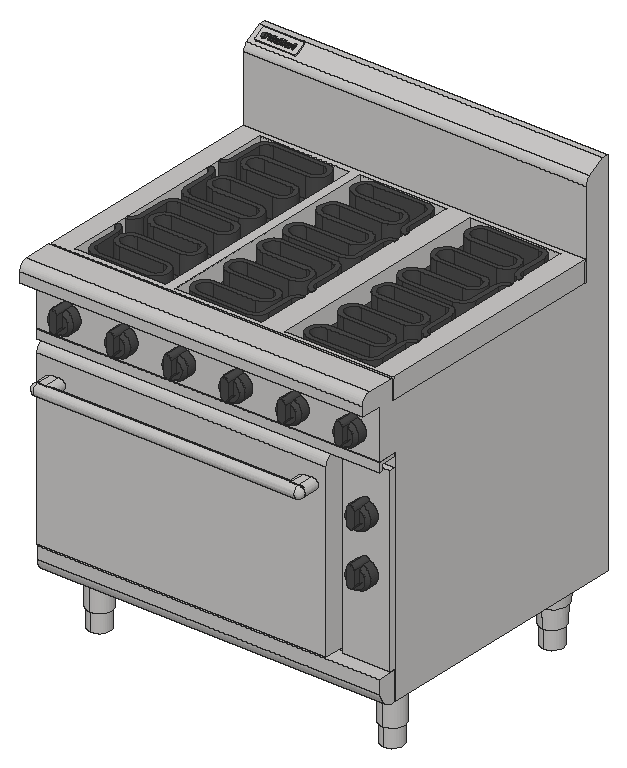
Revit family "QF_MOFFAT WALDORF_RN8610E", category Specialty Equipment, Revit 2012 (continued)
Automatic sketch dimensions
  Split face 20 sketch curve to Extrusion 1 = 14.14 mm
  Split face 20 sketch curve to Extrusion 1 = 419.057 mm
  Split face 20 sketch curve to Split face 20 sketch curve = 20 mm
  Extrusion 1 to Split face 21 sketch curve = 1.962 mm
  Split face 21 sketch curve to Extrusion 1 = 14.14 mm
  Split face 21 sketch curve to Extrusion 1 = 392.609 mm
  Split face 21 sketch curve to Split face 21 sketch curve = 20 mm
  Extrusion 1 to Split face 22 sketch curve = 1.962 mm
  Split face 22 sketch curve to Extrusion 1 = 14.14 mm
  Split face 22 sketch curve to Extrusion 1 = 362.304 mm
  Split face 22 sketch curve to Split face 22 sketch curve = 20 mm
  Extrusion 1 to Split face 23 sketch curve = 1.962 mm
  Split face 23 sketch curve to Extrusion 1 = 14.14 mm
  Split face 23 sketch curve to Extrusion 1 = 334.203 mm
  Split face 23 sketch curve to Split face 23 sketch curve = 20 mm
  Extrusion 1 to Split face 24 sketch curve = 1.962 mm
  Split face 24 sketch curve to Extrusion 1 = 14.14 mm
  Split face 24 sketch curve to Extrusion 1 = 308.857 mm
  Split face 24 sketch curve to Split face 24 sketch curve = 20 mm
  Revolve 4 sketch curve to level = 0 mm
  Revolve 4 sketch curve to plane 15 = 110.753 mm
  Revolve 4 sketch curve to Revolve 4 sketch curve = 4.159 mm
  Revolve 4 sketch curve to Revolve 4 sketch curve = 5.012 mm
  Revolve 4 sketch curve to Revolve 4 sketch curve = 1.832 mm
  Revolve 4 sketch curve to Revolve 4 sketch curve = 4.25 mm
  Revolve 4 sketch curve to Revolve 4 sketch curve = 42.753 mm
  Revolve 4 sketch curve to Revolve 4 sketch curve = 0 mm  (x2)
  level to Revolve 4 sketch curve = 50 mm
  Revolve 4 sketch curve to Revolve 4 sketch curve = 52.468 mm
  Revolve 4 sketch curve to Revolve 4 sketch curve = 47.532 mm
  Revolve 4 sketch curve to Revolve 4 sketch curve = 55 mm
  Revolve 5 sketch curve to level = 0 mm
  Revolve 5 sketch curve to plane 10 = 82.478 mm
  Revolve 5 sketch curve to Revolve 5 sketch curve = 4.25 mm
  Revolve 5 sketch curve to Revolve 5 sketch curve = 27.5 mm  (x2)
  level to Revolve 5 sketch curve = 50 mm
  Revolve 5 sketch curve to Revolve 5 sketch curve = 0 mm
  Revolve 5 sketch curve to Revolve 5 sketch curve = 100 mm
  Revolve 5 sketch curve to Revolve 5 sketch curve = 55 mm
  Revolve 6 sketch curve to level = 0 mm
  Revolve 6 sketch curve to plane 15 = 110.753 mm
  Revolve 6 sketch curve to Revolve 6 sketch curve = 0 mm  (x3)
  Revolve 6 sketch curve to Revolve 6 sketch curve = 4.159 mm
  Revolve 6 sketch curve to Revolve 6 sketch curve = 5.012 mm
  Revolve 6 sketch curve to Revolve 6 sketch curve = 1.832 mm
  Revolve 6 sketch curve to Revolve 6 sketch curve = 4.25 mm
  Revolve 6 sketch curve to Revolve 6 sketch curve = 42.753 mm
  Revolve 6 sketch curve to level = 55 mm
  Revolve 6 sketch curve to Revolve 6 sketch curve = 50 mm
  Revolve 6 sketch curve to Revolve 6 sketch curve = 52.468 mm
  Revolve 6 sketch curve to Revolve 6 sketch curve = 47.532 mm
  Revolve 7 sketch curve to level = 0 mm
  Revolve 7 sketch curve to plane 10 = 82.478 mm
  Revolve 7 sketch curve to Revolve 7 sketch curve = 4.25 mm
  Revolve 7 sketch curve to Revolve 7 sketch curve = 27.5 mm  (x2)
  Revolve 7 sketch curve to level = 55 mm
  Revolve 7 sketch curve to Revolve 7 sketch curve = 50 mm
  Revolve 7 sketch curve to Revolve 7 sketch curve = 0 mm
  Revolve 7 sketch curve to Revolve 7 sketch curve = 100 mm
  Extrusion 8 sketch curve to plane 4 "RIGHT" = 0 mm
  plane 3 "LEFT" to Extrusion 8 sketch curve = 4 mm
  Extrusion 8 sketch curve to plane 15 = 39 mm
  Extrusion 8 sketch curve to Extrusion 8 sketch curve = 3 mm  (x2)
  plane 14 to Extrusion 8 sketch curve = 11.5 mm
  Extrusion 8 sketch curve to plane 15 = 53.284 mm  (x2)
  plane 9 to Extrusion 8 sketch curve = 13.3 mm
  Extrusion 8 sketch curve to Extrusion 8 sketch curve = 0 mm  (x2)
  Extrusion 8 sketch curve to plane 5 "FRONT" = 111.585 mm  (x2)
  Extrusion 8 sketch curve to Extrusion 8 sketch curve = 7.585 mm  (x2)
  Extrusion 8 sketch curve to Extrusion 8 sketch curve = 23.4 mm
  plane 7 "Center Y" to Extrusion 8 sketch curve = 96 mm
  Extrusion 8 sketch curve to Extrusion 8 sketch curve = 60.7 mm
  Revolve 9 sketch curve to plane 5 "FRONT" = 12 mm
  Revolve 9 sketch curve to Revolve 9 sketch curve = 0 mm  (x2)
  Revolve 9 sketch curve to Revolve 9 sketch curve = 11 mm
  Revolve 9 sketch curve to Revolve 9 sketch curve = 12.7 mm
  Revolve 9 sketch curve to Revolve 9 sketch curve = 23 mm
  Revolve 9 sketch curve to Revolve 9 sketch curve = 10 mm
  plane 16 to Revolve 9 sketch curve = 141.882 mm
  Revolve 9 sketch curve to Revolve 9 sketch curve = 5 mm
  Revolve 9 sketch curve to Revolve 9 sketch curve = 26.651 mm
  Revolve 9 sketch curve to Revolve 9 sketch curve = 5.849 mm
  Revolve 10 sketch curve to plane 5 "FRONT" = 12 mm
  Revolve 10 sketch curve to Revolve 10 sketch curve = 0 mm  (x2)
  Revolve 10 sketch curve to Revolve 10 sketch curve = 11 mm
  Revolve 10 sketch curve to Revolve 10 sketch curve = 12.7 mm
  Revolve 10 sketch curve to Revolve 10 sketch curve = 23 mm
  Revolve 10 sketch curve to Revolve 10 sketch curve = 10 mm
  plane 16 to Revolve 10 sketch curve = 141.882 mm
  Revolve 10 sketch curve to Revolve 10 sketch curve = 5 mm
  Revolve 10 sketch curve to Revolve 10 sketch curve = 26.651 mm
  Revolve 10 sketch curve to Revolve 10 sketch curve = 5.849 mm
  Revolve 11 sketch curve to plane 5 "FRONT" = 12 mm
  Revolve 11 sketch curve to Revolve 11 sketch curve = 0 mm  (x2)
  Revolve 11 sketch curve to Revolve 11 sketch curve = 11 mm
  Revolve 11 sketch curve to Revolve 11 sketch curve = 12.7 mm
  Revolve 11 sketch curve to Revolve 11 sketch curve = 23 mm
  Revolve 11 sketch curve to Revolve 11 sketch curve = 10 mm
  plane 16 to Revolve 11 sketch curve = 174.382 mm
  Revolve 11 sketch curve to Revolve 11 sketch curve = 5.849 mm
  Revolve 11 sketch curve to Revolve 11 sketch curve = 27.5 mm
  Revolve 11 sketch curve to Revolve 11 sketch curve = 5 mm
  Revolve 12 sketch curve to plane 5 "FRONT" = 12 mm
  Revolve 12 sketch curve to Revolve 12 sketch curve = 0 mm  (x2)
  Revolve 12 sketch curve to Revolve 12 sketch curve = 11 mm
  Revolve 12 sketch curve to Revolve 12 sketch curve = 12.7 mm
  Revolve 12 sketch curve to Revolve 12 sketch curve = 23 mm
  Revolve 12 sketch curve to Revolve 12 sketch curve = 10 mm
  plane 16 to Revolve 12 sketch curve = 174.382 mm
  Revolve 12 sketch curve to Revolve 12 sketch curve = 5.849 mm
  Revolve 12 sketch curve to Revolve 12 sketch curve = 27.5 mm
  Revolve 12 sketch curve to Revolve 12 sketch curve = 5 mm
  Revolve 13 sketch curve to plane 5 "FRONT" = 12 mm
  Revolve 13 sketch curve to Revolve 13 sketch curve = 0 mm  (x2)
  Revolve 13 sketch curve to Revolve 13 sketch curve = 11 mm
  Revolve 13 sketch curve to Revolve 13 sketch curve = 12.7 mm
  Revolve 13 sketch curve to Revolve 13 sketch curve = 23 mm
  Revolve 13 sketch curve to Revolve 13 sketch curve = 10 mm
  plane 16 to Revolve 13 sketch curve = 174.382 mm
  Revolve 13 sketch curve to Revolve 13 sketch curve = 5.849 mm
  Revolve 13 sketch curve to Revolve 13 sketch curve = 27.5 mm
  Revolve 13 sketch curve to Revolve 13 sketch curve = 5 mm
  Revolve 14 sketch curve to plane 5 "FRONT" = 12 mm
  Revolve 14 sketch curve to Revolve 14 sketch curve = 0 mm  (x2)
  Revolve 14 sketch curve to Revolve 14 sketch curve = 11 mm
  Revolve 14 sketch curve to Revolve 14 sketch curve = 12.7 mm
  Revolve 14 sketch curve to Revolve 14 sketch curve = 23 mm
  Revolve 14 sketch curve to Revolve 14 sketch curve = 10 mm
  plane 16 to Revolve 14 sketch curve = 174.382 mm
  Revolve 14 sketch curve to Revolve 14 sketch curve = 5.849 mm
  Revolve 14 sketch curve to Revolve 14 sketch curve = 27.5 mm
  Revolve 14 sketch curve to Revolve 14 sketch curve = 5 mm
  plane 16 to Extrusion 15 sketch curve = 168.882 mm
  Extrusion 15 sketch curve to Extrusion 15 sketch curve = 35 mm
  Extrusion 16 sketch curve to plane 9 = 29.844 mm
  Extrusion 16 sketch curve to Extrusion 16 sketch curve = 10 mm
  plane 16 to Extrusion 16 sketch curve = 168.882 mm
  Extrusion 16 sketch curve to Extrusion 16 sketch curve = 35 mm
  Extrusion 17 sketch curve to plane 14 = 4.656 mm
  plane 14 to Extrusion 17 sketch curve = 5.344 mm
  plane 16 to Extrusion 17 sketch curve = 133.882 mm
  Extrusion 17 sketch curve to Extrusion 17 sketch curve = 35 mm
  Extrusion 18 sketch curve to plane 14 = 154.656 mm
  Extrusion 18 sketch curve to Extrusion 18 sketch curve = 10 mm
  plane 16 to Extrusion 18 sketch curve = 133.882 mm
  Extrusion 18 sketch curve to Extrusion 18 sketch curve = 35 mm
  Extrusion 19 sketch curve to plane 7 "Center Y" = 49.868 mm
  Extrusion 19 sketch curve to Extrusion 19 sketch curve = 10 mm
  plane 16 to Extrusion 19 sketch curve = 168.882 mm
  Extrusion 19 sketch curve to Extrusion 19 sketch curve = 35 mm
  plane 7 "Center Y" to Extrusion 20 sketch curve = 100.132 mm
  Extrusion 20 sketch curve to Extrusion 20 sketch curve = 10 mm
  plane 16 to Extrusion 20 sketch curve = 168.882 mm
  Extrusion 20 sketch curve to Extrusion 20 sketch curve = 35 mm
  Revolve 21 sketch curve to plane 5 "FRONT" = 54.5 mm
  Revolve 21 sketch curve to Revolve 21 sketch curve = 0 mm  (x2)
  Revolve 21 sketch curve to Revolve 21 sketch curve = 11 mm
  Revolve 21 sketch curve to Revolve 21 sketch curve = 12.7 mm
  Revolve 21 sketch curve to Revolve 21 sketch curve = 23 mm
  Revolve 21 sketch curve to Revolve 21 sketch curve = 10 mm
  Revolve 21 sketch curve to plane 16 = 74.368 mm
  Revolve 21 sketch curve to Revolve 21 sketch curve = 5 mm
  Revolve 21 sketch curve to Revolve 21 sketch curve = 26.651 mm
  Revolve 21 sketch curve to Revolve 21 sketch curve = 5.849 mm
  Extrusion 22 sketch curve to plane 14 = 7.156 mm
  plane 14 to Extrusion 22 sketch curve = 2.844 mm
  Extrusion 22 sketch curve to plane 16 = 82.368 mm
  Extrusion 22 sketch curve to Extrusion 22 sketch curve = 35 mm
  Revolve 23 sketch curve to plane 5 "FRONT" = 54.5 mm
  Revolve 23 sketch curve to Revolve 23 sketch curve = 0 mm  (x2)
  Revolve 23 sketch curve to Revolve 23 sketch curve = 11 mm
  Revolve 23 sketch curve to Revolve 23 sketch curve = 12.7 mm
  Revolve 23 sketch curve to Revolve 23 sketch curve = 23 mm
  Revolve 23 sketch curve to Revolve 23 sketch curve = 10 mm
  Revolve 23 sketch curve to plane 16 = 214.368 mm
  Revolve 23 sketch curve to Revolve 23 sketch curve = 5 mm
  Revolve 23 sketch curve to Revolve 23 sketch curve = 26.651 mm
  Revolve 23 sketch curve to Revolve 23 sketch curve = 5.849 mm
  Extrusion 24 sketch curve to plane 14 = 7.156 mm
  plane 14 to Extrusion 24 sketch curve = 2.844 mm
  Extrusion 24 sketch curve to plane 16 = 222.368 mm
  Extrusion 24 sketch curve to Extrusion 24 sketch curve = 35 mm
  Extrusion 25 sketch curve to Extrusion 1 = 80 mm
  Extrusion 25 sketch curve to Extrusion 1 = 230.73 mm
  Extrusion 26 sketch curve to plane 5 "FRONT" = 56 mm
  level to Extrusion 26 sketch curve = 227.5 mm
  plane 5 "FRONT" to Extrusion 26 sketch curve = 413.847 mm
  Extrusion 27 sketch curve to Extrusion 27 sketch curve = 0 mm  (x109)
  Extrusion 27 sketch curve to plane 15 = 58.503 mm  (x3)
  Extrusion 27 sketch curve to Extrusion 27 sketch curve = 11.997 mm  (x3)
  Extrusion 27 sketch curve to Extrusion 27 sketch curve = 19.532 mm  (x3)
  Extrusion 27 sketch curve to plane 14 = 2.793 mm  (x2)
  Extrusion 27 sketch curve to Extrusion 27 sketch curve = 0.24 mm  (x6)
  Extrusion 27 sketch curve to Extrusion 27 sketch curve = 0.931 mm  (x7)
  Extrusion 27 sketch curve to Extrusion 27 sketch curve = 0.01 mm  (x6)
  Extrusion 27 sketch curve to Extrusion 27 sketch curve = 21.7 mm  (x21)
  Extrusion 27 sketch curve to Extrusion 27 sketch curve = 0.002 mm  (x6)
  plane 14 to Extrusion 27 sketch curve = 16.984 mm
  Extrusion 27 sketch curve to Extrusion 27 sketch curve = 70.811 mm  (x6)
  Extrusion 27 sketch curve to Extrusion 27 sketch curve = 0.447 mm  (x6)
  Extrusion 27 sketch curve to Extrusion 27 sketch curve = 0.12 mm  (x6)
  plane 14 to Extrusion 27 sketch curve = 11.5 mm  (x3)
  Extrusion 27 sketch curve to Extrusion 27 sketch curve = 19.01 mm  (x5)
  Extrusion 27 sketch curve to Extrusion 27 sketch curve = 12.303 mm  (x6)
  Extrusion 27 sketch curve to Extrusion 27 sketch curve = 21.593 mm  (x6)
  Extrusion 27 sketch curve to Extrusion 27 sketch curve = 12.315 mm  (x4)
  plane 11 to Extrusion 27 sketch curve = 28.389 mm  (x3)
  Extrusion 27 sketch curve to plane 14 = 14.8 mm
  Extrusion 27 sketch curve to plane 14 = 2.8 mm  (x2)
  Extrusion 27 sketch curve to Extrusion 27 sketch curve = 0.133 mm  (x3)
  Extrusion 27 sketch curve to Extrusion 27 sketch curve = 0.5 mm
  plane 11 to Extrusion 27 sketch curve = 14.572 mm  (x3)
  plane 12 to Extrusion 27 sketch curve = 19.172 mm  (x3)
  plane 12 to Extrusion 27 sketch curve = 18.176 mm  (x3)
  plane 12 to Extrusion 27 sketch curve = 17.245 mm  (x3)
  Extrusion 27 sketch curve to Extrusion 27 sketch curve = 0.239 mm  (x6)
  plane 8 "Center X" to Extrusion 27 sketch curve = 6.997 mm  (x3)
  Extrusion 27 sketch curve to plane 8 "Center X" = 5 mm  (x3)
  Extrusion 27 sketch curve to plane 8 "Center X" = 24.532 mm  (x3)
  Extrusion 27 sketch curve to Extrusion 27 sketch curve = 20.704 mm  (x5)
  plane 14 to Extrusion 27 sketch curve = 16.988 mm
  plane 10 to Extrusion 27 sketch curve = 11.208 mm  (x2)
  Extrusion 27 sketch curve to plane 10 = 7.311 mm  (x3)
  Extrusion 27 sketch curve to plane 10 = 7.444 mm  (x3)
  Extrusion 27 sketch curve to plane 10 = 7.944 mm  (x3)
  Extrusion 27 sketch curve to plane 10 = 21.128 mm  (x3)
  Extrusion 27 sketch curve to Extrusion 27 sketch curve = 20.701 mm  (x4)
  Extrusion 27 sketch curve to Extrusion 27 sketch curve = 0.001 mm  (x5)
  Extrusion 27 sketch curve to Extrusion 27 sketch curve = 41.7 mm  (x3)
  Extrusion 27 sketch curve to Extrusion 27 sketch curve = 20.999 mm
  Extrusion 27 sketch curve to plane 9 = 45.4 mm  (x3)
  Extrusion 27 sketch curve to plane 7 "Center Y" = 84.6 mm  (x2)
  plane 7 "Center Y" to Extrusion 27 sketch curve = 28 mm  (x4)
  plane 7 "Center Y" to Extrusion 27 sketch curve = 47.862 mm  (x2)
  Extrusion 27 sketch curve to Extrusion 27 sketch curve = 0.032 mm  (x2)
  plane 7 "Center Y" to Extrusion 27 sketch curve = 47.894 mm
  Extrusion 27 sketch curve to Extrusion 27 sketch curve = 0.226 mm  (x5)
  Extrusion 27 sketch curve to Extrusion 27 sketch curve = 0.258 mm  (x6)
  Extrusion 27 sketch curve to Extrusion 27 sketch curve = 0.879 mm  (x4)
  Extrusion 27 sketch curve to Extrusion 27 sketch curve = 14.293 mm  (x2)
  Extrusion 27 sketch curve to Extrusion 27 sketch curve = 133.7 mm
  Extrusion 27 sketch curve to Extrusion 27 sketch curve = 133.693 mm  (x2)
  Extrusion 27 sketch curve to plane 14 = 56.5 mm
  Extrusion 27 sketch curve to plane 14 = 36.638 mm  (x2)
  Extrusion 27 sketch curve to plane 14 = 36.606 mm
  plane 17 to Extrusion 8 sketch curve = 11.8 mm
  plane 3 "LEFT" to Extrusion 15 sketch curve = 100.156 mm
  Extrusion 15 sketch curve to Extrusion 15 sketch curve = 10 mm
  Extrusion 27 sketch curve to Extrusion 27 sketch curve = 19.152 mm
  Extrusion 27 sketch curve to Extrusion 27 sketch curve = 112.6 mm  (x2)
  Extrusion 27 sketch curve to Extrusion 27 sketch curve = 19.894 mm
  plane 1 "BACK" to curve 1 = 0 mm
  curve 1 to plane 3 "LEFT" = 0 mm
  plane 5 "FRONT" to curve 26 = 0 mm
  curve 148 to plane 8 "Center X" = 0 mm
  curve 183 to plane 8 "Center X" = 0 mm
  curve 217 to plane 8 "Center X" = 0 mm
  plane 3 "LEFT" to curve 26 = 4.5 mm
  plane 3 "LEFT" to curve 5 = 12.5 mm
  curve 26 to curve 111 = 18.15 mm
  plane 3 "LEFT" to curve 145 = 48.333 mm
  curve 162 to plane 10 = 7.944 mm
  plane 3 "LEFT" to curve 162 = 48.333 mm
  plane 3 "LEFT" to curve 129 = 48.516 mm
  plane 3 "LEFT" to curve 146 = 48.516 mm
  plane 5 "FRONT" to curve 112 = 14.544 mm
  curve 111 to curve 112 = 26.239 mm
  curve 111 to plane 5 "FRONT" = 19.857 mm
  curve 162 to curve 162 = 4.781 mm
  curve 145 to curve 145 = 4.781 mm
  curve 129 to curve 129 = 4.622 mm
  curve 146 to curve 146 = 4.622 mm
  curve 26 to curve 123 = 49.5 mm
  curve 129 to curve 129 = 26.784 mm
  curve 145 to curve 145 = 26.967 mm
  curve 146 to curve 146 = 26.784 mm
  curve 162 to plane 10 = 7.363 mm
  curve 162 to curve 162 = 26.967 mm
  curve 143 to curve 143 = 25.701 mm
  curve 130 to curve 131 = 25.701 mm
  curve 148 to plane 8 "Center X" = 25.704 mm
  curve 147 to curve 148 = 25.701 mm
  curve 160 to curve 160 = 25.701 mm
  curve 160 to curve 160 = 0.98 mm
  curve 148 to curve 148 = 0.98 mm
  curve 131 to curve 132 = 0.98 mm
  curve 142 to plane 12 = 7.528 mm
  curve 143 to curve 142 = 0.98 mm
  plane 15 to curve 6 = 11.042 mm
  curve 131 to curve 6 = 19.519 mm
  curve 146 to curve 152 = 46.7 mm
  plane 10 to curve 156 = 7.572 mm
  curve 162 to curve 156 = 46.7 mm
  curve 140 to plane 11 = 14.128 mm
  curve 143 to curve 140 = 20.999 mm
  curve 129 to curve 136 = 46.7 mm
  curve 6 to curve 12 = 8.083 mm
  curve 9 to curve 10 = 20 mm
  curve 11 to curve 16 = 6.917 mm
  plane 15 to curve 15 = 9.738 mm
  curve 13 to curve 15 = 20 mm
  curve 15 to curve 17 = 7 mm
  curve 17 to curve 18 = 20 mm
  curve 18 to curve 22 = 7 mm
  plane 15 to curve 23 = 9.738 mm
  curve 21 to curve 23 = 20 mm
  curve 151 to plane 9 = 45.4 mm
  curve 140 to plane 9 = 45.4 mm
  curve 158 to plane 9 = 45.4 mm
  curve 134 to plane 9 = 45.4 mm
  curve 155 to plane 9 = 45.4 mm
  curve 138 to plane 9 = 45.4 mm
  curve 23 to curve 28 = 7 mm
  plane 15 to curve 31 = 9.738 mm
  curve 28 to curve 31 = 20 mm
  curve 29 to curve 32 = 6.917 mm
  plane 9 to curve 35 = 4.417 mm
  curve 33 to curve 37 = 7 mm
  plane 9 to curve 124 = 13.3 mm
  plane 15 to curve 39 = 9.738 mm
  curve 36 to curve 39 = 20 mm
  curve 122 to curve 118 = 23.4 mm
  curve 37 to curve 41 = 7 mm
  curve 40 to curve 42 = 20 mm
  curve 41 to curve 45 = 11.622 mm
  curve 44 to curve 45 = 20 mm
  curve 45 to curve 49 = 6.917 mm
  curve 48 to curve 50 = 20 mm
  curve 49 to curve 52 = 7 mm
  curve 52 to curve 54 = 20 mm
  curve 54 to curve 56 = 7 mm
  plane 7 "Center Y" to curve 58 = 0.956 mm
  curve 58 to curve 63 = 7 mm
  plane 7 "Center Y" to curve 187 = 27.137 mm
  plane 10 to curve 189 = 7.572 mm
  plane 7 "Center Y" to curve 189 = 27.137 mm
  plane 7 "Center Y" to curve 172 = 27.137 mm
  plane 7 "Center Y" to curve 170 = 27.137 mm
  plane 15 to curve 62 = 9.738 mm
  curve 60 to curve 62 = 20 mm
  curve 61 to curve 64 = 6.917 mm
  plane 7 "Center Y" to curve 166 = 47.156 mm
  curve 177 to plane 12 = 7.528 mm
  curve 166 to curve 165 = 0.98 mm
  plane 15 to curve 67 = 9.738 mm
  curve 64 to curve 67 = 20 mm
  curve 65 to curve 69 = 7 mm
  curve 194 to curve 195 = 25.701 mm
  curve 182 to curve 182 = 25.701 mm
  curve 165 to curve 164 = 25.701 mm
  plane 15 to curve 71 = 9.738 mm
  curve 68 to curve 71 = 20 mm
  curve 69 to curve 73 = 7 mm
  curve 195 to curve 119 = 22.163 mm
  curve 163 to curve 163 = 26.784 mm
  curve 181 to curve 180 = 26.784 mm
  curve 179 to curve 179 = 26.967 mm
  curve 196 to plane 10 = 7.944 mm
  curve 196 to curve 196 = 4.804 mm
  curve 72 to curve 73 = 20 mm
  curve 74 to curve 79 = 6.924 mm
  curve 76 to curve 78 = 20 mm
  curve 77 to curve 80 = 6.917 mm
  curve 80 to curve 117 = 13.986 mm
  plane 15 to curve 82 = 9.738 mm
  curve 80 to curve 82 = 20 mm
  curve 82 to curve 87 = 7 mm
  plane 15 to curve 87 = 9.738 mm
  curve 84 to curve 87 = 20 mm
  curve 85 to curve 89 = 7 mm
  curve 208 to plane 11 = 14.128 mm
  plane 10 to curve 223 = 7.572 mm
  curve 88 to curve 90 = 20 mm
  curve 90 to curve 92 = 7 mm
  plane 15 to curve 94 = 9.738 mm
  curve 92 to curve 94 = 20 mm
  curve 94 to curve 96 = 6.917 mm
  plane 15 to curve 98 = 9.738 mm
  curve 96 to curve 98 = 20 mm
  curve 113 to plane 14 = 112.642 mm
  curve 97 to curve 100 = 7 mm
  curve 112 to curve 113 = 25.191 mm
  curve 100 to curve 101 = 20 mm
  curve 101 to curve 105 = 7 mm
  curve 127 to plane 14 = 74.5 mm
  curve 104 to curve 105 = 20 mm
  curve 210 to plane 12 = 7.528 mm
  plane 12 to curve 211 = 18.176 mm
  curve 215 to plane 14 = 10.663 mm
  curve 213 to plane 14 = 10.663 mm
  curve 197 to plane 14 = 10.663 mm
  curve 228 to plane 14 = 10.663 mm
  plane 14 to curve 214 = 11.5 mm
  plane 14 to curve 214 = 16.122 mm
  plane 14 to curve 197 = 16.122 mm
  plane 14 to curve 213 = 16.304 mm
  curve 230 to plane 10 = 7.944 mm
  plane 14 to curve 230 = 16.304 mm
  plane 4 "RIGHT" to curve 27 = 3 mm
  curve 128 to curve 112 = 399.303 mm
  curve 3 to curve 108 = 96 mm
  curve 108 to curve 109 = 3.3 mm
  curve 109 to curve 124 = 12.285 mm
  curve 121 to curve 196 = 111.199 mm
  curve 109 to curve 116 = 12.285 mm
  curve 122 to curve 158 = 15.915 mm
  curve 160 to curve 161 = 24.666 mm
  curve 193 to curve 194 = 24.666 mm
  curve 227 to curve 229 = 24.666 mm
  curve 159 to curve 158 = 26.7 mm
  curve 227 to curve 226 = 26.7 mm
  curve 196 to plane 10 = 7.363 mm
  curve 229 to plane 10 = 7.363 mm
  curve 223 to curve 222 = 26.7 mm
  curve 189 to curve 188 = 26.7 mm
  curve 155 to curve 154 = 26.7 mm
  curve 230 to curve 214 = 31.443 mm
  curve 162 to curve 146 = 31.439 mm
  curve 196 to curve 180 = 31.443 mm
  curve 146 to curve 147 = 25.867 mm
  curve 180 to curve 180 = 25.867 mm
  curve 214 to curve 214 = 25.867 mm
  curve 152 to curve 152 = 28.7 mm
  plane 12 to curve 178 = 17.138 mm
  plane 12 to curve 143 = 17.138 mm
  plane 11 to curve 173 = 14.572 mm
  plane 11 to curve 207 = 14.572 mm
  plane 11 to curve 139 = 14.572 mm
  plane 11 to curve 213 = 27.756 mm
  plane 11 to curve 145 = 27.756 mm
  plane 11 to curve 179 = 27.756 mm
  curve 179 to curve 179 = 0.581 mm
  curve 213 to curve 212 = 0.581 mm
  curve 145 to curve 145 = 0.581 mm
  curve 137 to curve 137 = 26.7 mm
  curve 213 to curve 197 = 31.443 mm
  curve 179 to curve 163 = 31.443 mm
  curve 145 to curve 129 = 31.439 mm
  curve 163 to curve 163 = 25.867 mm
  curve 197 to curve 198 = 25.867 mm
  curve 129 to curve 129 = 25.867 mm
  curve 135 to curve 135 = 28.7 mm
  curve 133 to curve 133 = 26.7 mm
  curve 131 to curve 131 = 25.704 mm
  curve 131 to curve 123 = 36.882 mm
  curve 165 to curve 119 = 36.882 mm
  curve 110 to plane 15 = 40.734 mm
  curve 110 to curve 4 = 2.734 mm
  curve 5 to plane 15 = 19.234 mm
  curve 88 to plane 15 = 18.526 mm
  curve 52 to plane 15 = 18.526 mm
  curve 46 to plane 15 = 18.526 mm
  curve 53 to curve 56 = 0 mm
  curve 57 to curve 60 = 0 mm
  curve 42 to curve 44 = 0 mm
  curve 17 to plane 15 = 18.526 mm
  curve 38 to curve 40 = 0 mm  (x2)
  curve 18 to curve 21 = 0 mm
  curve 61 to curve 64 = 0 mm
  curve 65 to curve 68 = 0 mm
  curve 69 to curve 72 = 0 mm
  curve 50 to curve 52 = 0 mm  (x2)
  curve 73 to curve 76 = 0 mm
  curve 77 to curve 80 = 0 mm
  curve 81 to curve 84 = 0 mm
  curve 106 to plane 15 = 18.526 mm
  curve 15 to curve 17 = 0 mm
  curve 102 to curve 104 = 0 mm
  curve 11 to curve 13 = 0 mm
  curve 98 to curve 100 = 0 mm
  curve 34 to curve 36 = 0 mm
  curve 94 to curve 96 = 0 mm
  curve 30 to curve 32 = 0 mm  (x2)
  curve 15 to curve 20 = 0 mm
  plane 15 to curve 44 = 9.738 mm
  curve 46 to curve 48 = 0 mm
  curve 54 to curve 56 = 0 mm
  curve 70 to curve 72 = 0 mm
  curve 74 to curve 76 = 0 mm
  curve 86 to curve 88 = 0 mm
  plane 15 to curve 107 = 9.738 mm
  curve 98 to curve 103 = 0 mm
  curve 12 to curve 6 = 1.304 mm
  curve 114 to curve 201 = 57.837 mm
  curve 204 to curve 201 = 0 mm
  curve 208 to curve 206 = 0 mm
  curve 114 to curve 226 = 57.837 mm
  curve 223 to curve 225 = 0 mm
  curve 217 to curve 210 = 0 mm  (x2)
  curve 203 to curve 199 = 46.7 mm
  curve 224 to curve 229 = 46.7 mm
  curve 206 to curve 212 = 46.7 mm
  curve 220 to curve 215 = 46.7 mm
  curve 211 to curve 212 = 26.681 mm
  curve 199 to curve 198 = 26.681 mm
  curve 227 to curve 228 = 26.681 mm
  curve 227 to curve 228 = 0.98 mm
  curve 211 to curve 212 = 25.701 mm
  curve 199 to curve 198 = 25.701 mm
  curve 216 to curve 215 = 25.701 mm
  curve 114 to curve 226 = 15.915 mm
  curve 221 to curve 220 = 28.7 mm
  curve 216 to curve 217 = 25.704 mm
  curve 205 to curve 205 = 26.7 mm
  curve 203 to curve 203 = 28.7 mm
  curve 202 to curve 201 = 26.7 mm
  curve 199 to curve 199 = 25.704 mm
  curve 198 to curve 117 = 36.882 mm
  curve 120 to curve 192 = 47.837 mm
  plane 9 to curve 184 = 84.537 mm
  curve 189 to curve 191 = 0 mm
  curve 166 to curve 45 = 5.501 mm
  curve 176 to curve 183 = 0 mm
  curve 172 to curve 174 = 0 mm
  plane 7 "Center Y" to curve 183 = 47.156 mm
  curve 176 to curve 182 = 0 mm
  plane 7 "Center Y" to curve 194 = 47.156 mm
  curve 177 to curve 177 = 0.98 mm
  curve 194 to curve 194 = 0.98 mm
  curve 183 to curve 182 = 0.98 mm
  curve 179 to curve 179 = 22.163 mm
  curve 119 to curve 194 = 15.915 mm
  curve 192 to curve 192 = 26.7 mm
  curve 187 to curve 186 = 28.7 mm
  curve 182 to curve 183 = 25.704 mm
  curve 175 to curve 175 = 26.7 mm
  curve 171 to curve 171 = 26.7 mm
  curve 169 to curve 169 = 28.7 mm
  curve 168 to curve 167 = 26.7 mm
  curve 165 to curve 165 = 25.704 mm
  Extrusion 28 sketch curve to plane 16 = 46.875 mm  (x2)
  Extrusion 28 sketch curve to Extrusion 28 sketch curve = 15 mm  (x2)
  plane 7 "Center Y" to Extrusion 28 sketch curve = 273.039 mm
  Extrusion 28 sketch curve to Extrusion 28 sketch curve = 20.282 mm  (x2)
  plane 3 "LEFT" to Extrusion 28 sketch curve = 58.528 mm
  Revolve 29 sketch curve to plane 3 "LEFT" = 6.961 mm
  plane 3 "LEFT" to Revolve 29 sketch curve = 23.246 mm
  Revolve 29 sketch curve to plane 16 = 16.875 mm
  Revolve 29 sketch curve to Revolve 29 sketch curve = 15 mm
  plane 7 "Center Y" to Revolve 29 sketch curve = 273.039 mm
  Revolve 29 sketch curve to Revolve 29 sketch curve = 150 mm
  Revolve 29 sketch curve to Revolve 29 sketch curve = 0 mm
  Extrusion 3 sketch curve to plane 5 "FRONT" = 91 mm
  plane 16 to Extrusion 3 sketch curve = 45 mm
  radius of Extrusion 25 sketch curve = 10 mm
Nested families
  nested 1: "WALDORF LOGO_FACE BASE" at (12.5, -21.284, 1127.238) x (1, 0, 0) z (0, -0.5, 0.866), visible <- "Show Logo", type "WALDORF LOGO_FACE BASE", detail levels medium+fine
    with Show Logo yes
Connectors
  electrical at (820, -466, 145), driven by "Volts", driven by "Watts"
    settings: on Extrusion 25, index 5, voltage 415 V, apparent load 20900 VA, apparent load phase1 0 VA, apparent load phase2 0 VA, apparent load phase3 0 VA, power factor 1, load classification "Other", number of poles 1, system type 30, power factor state 1, is connector primary yes, connector utility no, sub classification motor no, connector description "ELECTRICAL CONNECTION"
Definition of nested family "WALDORF LOGO_FACE BASE"
  Parameters (values of type "WALDORF LOGO_FACE BASE")
    Show Logo [instance] = yes
    Default Elevation = 1219.2 mm
  Reference planes
    plane 1 "Center (Front/Back)": y = 0
    plane 2: z = 0
    plane 3 "Center (Left/Right)": x = 0
  Forms (mm)
    Extrusion 1, solid
      sketch origin (0, 0, 0) x (1, 0, 0) y (0, 1, 0)
        loop
          line (-1219.2, 1219.2) -> (-1219.2, -1219.2) -> (1219.2, -1219.2) -> (1219.2, 1219.2) -> (-1219.2, 1219.2)
      from 0 to -304.8
    Extrusion 2, solid, material "QF_Finishes_Stainless Steel", visible <- "Show Logo"
      sketch origin (0, -33.217, 0) x (1, 0, 0) y (0, 1, 0)
        loop
          arc (5, 34.14) -> (1.464, 32.676) -> (0, 29.14) r 5
          line (0, 29.14) -> (0, 5)
          arc (0, 5) -> (1.464, 1.464) -> (5, 0) r 5
          line (5, 0) -> (104, 0)
          arc (104, 0) -> (107.536, 1.464) -> (109, 5) r 5
          line (109, 5) -> (109, 29.14)
          arc (109, 29.14) -> (107.536, 32.676) -> (104, 34.14) r 5
          line (104, 34.14) -> (5, 34.14)
      from 0 to 1.588
    Extrusion 3, solid, material "QF_Finishes_Black", visible <- "Show Logo"
      sketch origin (0, -33.217, 1.588) x (1, 0, 0) y (0, 1, 0)
        loop
          line (24.772, 23.214) -> (27.992, 10.301) -> (31.551, 10.301) -> (33.443, 17.364) -> (35.205, 10.301) -> (39.332, 10.301) -> (42.077, 23.214) -> (38.352, 23.214) -> (36.676, 15.33) -> (35, 23.214) -> (31.752, 23.214) -> (30.076, 15.33) -> (28.4, 23.214) -> (24.772, 23.214)
        loop
          line (42.272, 17.055) -> (45.703, 17.055)
          spline (45.703, 17.055) -> (45.741, 17.285) -> (45.852, 17.499) -> (46.028, 17.682) -> (46.258, 17.823) -> (46.526, 17.912) -> (46.813, 17.942) -> (47.1, 17.912) -> (47.368, 17.823) -> (47.597, 17.682) -> (47.774, 17.499) -> (47.884, 17.285) -> (47.922, 17.055)
          line (47.922, 17.055) -> (47.922, 16.222)
          arc (47.922, 16.222) -> (45.742, 16.014) -> (43.665, 15.317) r 9.604
          arc (43.665, 15.317) -> (41.924, 12.809) -> (43.665, 10.301) r 2.677
          arc (43.665, 10.301) -> (45.527, 10.353) -> (47.332, 10.816) r 8.365
          line (47.332, 10.816) -> (48.092, 11.105) -> (48.092, 10.301) -> (51.817, 10.301) -> (51.817, 17.055)
          spline (51.817, 17.055) -> (51.654, 17.821) -> (51.178, 18.535) -> (50.419, 19.148) -> (49.431, 19.619) -> (48.28, 19.914) -> (47.044, 20.015) -> (45.809, 19.914) -> (44.658, 19.619) -> (43.67, 19.148) -> (42.911, 18.535) -> (42.434, 17.821) -> (42.272, 17.055)
        loop
          line (53.151, 23.214) -> (53.151, 10.301) -> (57.37, 10.301) -> (57.37, 23.214) -> (53.151, 23.214)
        loop
          line (64.874, 23.214) -> (64.874, 18.857)
          arc (64.874, 18.857) -> (58.083, 15.11) -> (64.874, 11.363) r 4.429
          line (64.874, 11.363) -> (64.874, 10.301) -> (68.378, 10.301) -> (68.378, 23.214) -> (64.874, 23.214)
        loop
          arc (64.874, 16.083) -> (61.41, 14.987) -> (64.874, 13.891) r 1.905
          line (64.874, 13.891) -> (64.874, 16.083)
        loop
          circle (74.623, 15.223) r 5
        loop
          spline (74.623, 17.856) -> (74.355, 17.766) -> (74.105, 17.503) -> (73.891, 17.084) -> (73.726, 16.539) -> (73.623, 15.904) -> (73.588, 15.223) -> (73.623, 14.541) -> (73.726, 13.906) -> (73.891, 13.361) -> (74.105, 12.942) -> (74.355, 12.679) -> (74.623, 12.59)
          spline (74.623, 12.59) -> (74.891, 12.679) -> (75.141, 12.942) -> (75.355, 13.361) -> (75.52, 13.906) -> (75.623, 14.541) -> (75.659, 15.223) -> (75.623, 15.904) -> (75.52, 16.539) -> (75.355, 17.084) -> (75.141, 17.503) -> (74.891, 17.766) -> (74.623, 17.856)
        loop
          line (81.255, 19.813) -> (81.255, 10.301) -> (84.834, 10.301) -> (84.834, 14.176)
          arc (84.834, 14.176) -> (85.854, 16.093) -> (88.013, 16.32) r 2.313
          line (88.013, 16.32) -> (88.013, 19.813) -> (87.161, 19.813)
          arc (87.161, 19.813) -> (85.526, 19.266) -> (84.549, 17.844) r 2.717
          line (84.549, 17.844) -> (84.549, 19.813) -> (81.255, 19.813)
        loop
          line (90.249, 19.813) -> (88.91, 19.813) -> (88.91, 17.614) -> (90.249, 17.614) -> (90.249, 10.301) -> (93.998, 10.301) -> (93.998, 17.614) -> (95.418, 17.614) -> (95.418, 19.813) -> (93.998, 19.813)
          arc (93.998, 19.813) -> (94.414, 20.817) -> (95.418, 21.233) r 1.42
          line (95.418, 21.233) -> (95.418, 23.602) -> (93.317, 23.602)
          arc (93.317, 23.602) -> (91.343, 22.903) -> (90.249, 21.118) r 3.137
          line (90.249, 21.118) -> (90.249, 19.813)
        loop
          arc (15.241, 23.571) -> (8.392, 16.525) -> (15.241, 9.479) r 7.049
          line (15.241, 9.479) -> (15.241, 23.571)
        loop
          line (15.641, 23.571) -> (15.641, 9.479)
          arc (15.641, 9.479) -> (22.49, 16.525) -> (15.641, 23.571) r 7.049
        loop
          arc (47.922, 14.711) -> (46.266, 13.749) -> (47.922, 12.787) r 1.107
          line (47.922, 12.787) -> (47.922, 14.711)
      from 0 to 0.2
  Dimensions and locks
    aligned and locked: plane 2 to Extrusion 1
    aligned and locked: level to Extrusion 1
